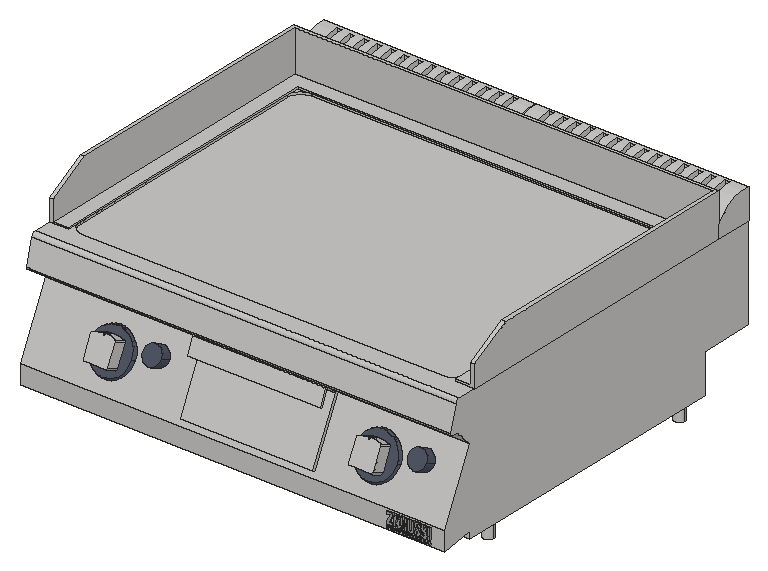
Revit family "QF_ZANUSSI_372330_Z7IIKAAOMEA", category Specialty Equipment, Revit 2018
Family settings
  Round Connector Dimension = Use Diameter
  Part Type = Normal
  Work Plane-Based = No
  Always vertical = Yes
  Cut with Voids When Loaded = No
  Shared = No
  Room Calculation Point = No
Parameters (values of type "Standard")
  Weight = 70.00 kg
  Watts = 0 W
  Volts = 0 V
  URL Manufacturer = "http://www.zanussiprofessional.com"
  URL = "http://www.zanussiprofessional.com"
  Steam Supply Size = 0"
  Steam Supply Minimum Pressure = 0.00 psi
  Steam Supply Maximum Pressure = 0.00 psi
  Steam Pounds per Hour = 0
  Show Logo [instance] = yes
  Show Clearance [instance] = yes
  Refrigeration Suction Line Size = 0"
  Refrigeration Liquid Line Size = 0"
  Refrigerant Compressor Remote = yes
  Phase = 0
  Model = "Z7IIKAAOMEA"
  Manufacturer = "Zanussi"
  Length Actual = 800 mm  # constant formula
  Item Number = "372330"
  Hot Water Size = 0"
  Height Actual = 250 mm  # constant formula
  HP = "0 HP"
  Gas Size = 1/2"
  Gas KW = 14
  Gas Input Pressure = 0.469158 Btu/h
  Direct Waste Size = 0"
  Description = "GAS FRY TOP-SMOOTH PLATE 800MM-BRUSHED CHROME"
  Depth Actual = 700 mm  # constant formula
  Cycle = 0 Hz
  Condensate Return Size = 0"
  Compressed Air Volume = 0 GPM
  Compressed Air Size = 0"
  Compressed Air Pressure = 0.00 psi
  Cold Water Size = 0"
  Assembly Code = ""
  Accessory = yes
Reference planes
  plane 1 "BACK": y = 0
  plane 2: z = 0
  plane 3 "LEFT": x = 0
  plane 4 "RIGHT": x = 800
  plane 5 "FRONT": y = -715
  plane 6 "TOP": z = 288.925
  plane 7 "Center Y": x = 400
  plane 8 "Center X": y = -357.5
  plane 9 "BASE": z = 24
  plane 10 "TOP A": z = 900
  plane 11: y = -597.884
  plane 12: y = -147.637
  plane 13: z = 981
  plane 14: y = -700
  plane 15 "panel": through (-6096, -715, 65.146) normal (0, 0.8956, -0.4448)
  plane 16: z = 900
Forms (mm)
  Extrusion 1, solid, material "QF_Finishes_Stainless Steel"
    sketch origin (0, 0, 626) x (0, 1, 0) y (0, 0, 1)
      loop
        line (0, 98) -> (0, 274) -> (-679.358, 274)
        arc (-679.358, 274) -> (-684.643, 271.811) -> (-686.833, 266.526) r 7.474
        line (-686.833, 266.526) -> (-699.884, 221.011)
        arc (-699.884, 221.011) -> (-699.396, 218.379) -> (-697, 217.184) r 3
        line (-697, 217.184) -> (-686.802, 217.184) -> (-654.982, 185.364) -> (-715, 64.508) -> (-715, 29.508) -> (-658.645, 37.428)
        arc (-658.645, 37.428) -> (-656.101, 36.674) -> (-655, 34.259) r 3.2
        line (-655, 34.259) -> (-655, 24) -> (-103, 24) -> (-103, 98) -> (0, 98)
    from 0 to 800
  Extrusion 2, void
    sketch origin (0, -2.381, 900) x (-1, 0, 0) y (0, -1, 0)
      loop
        arc (-60.425, 102.504) -> (-42.464, 109.943) -> (-35.025, 127.904) r 25.4
        line (-35.025, 127.904) -> (-35.025, 617.104)
        arc (-35.025, 617.104) -> (-42.464, 635.064) -> (-60.425, 642.504) r 25.4
        line (-60.425, 642.504) -> (-739.575, 642.504)
        arc (-739.575, 642.504) -> (-757.536, 635.064) -> (-764.975, 617.104) r 25.4
        line (-764.975, 617.104) -> (-764.975, 127.904)
        arc (-764.975, 127.904) -> (-757.536, 109.943) -> (-739.575, 102.504) r 25.4
        line (-739.575, 102.504) -> (-60.425, 102.504)
    from 0 to -3.2
  Extrusion 3, solid, material "QF_Finishes_Stainless Steel"
    sketch origin (0, 0, 650) x (1, 0, 0) y (0, 1, 0)
      loop
        circle (11.112, -147.638) r 9.525
      loop
        circle (11.112, -597.884) r 9.525
      loop
        circle (788.887, -147.638) r 9.525
      loop
        circle (788.887, -597.884) r 9.525
    from 0 to -24
  Extrusion 4, solid, material "QF_Finishes_Stainless Steel"
    sketch origin (0, -101.6, 727.594) x (0, 0, -1) y (-1, 0, 0)
      loop
        circle (43.694, -749.2) r 6.35
    from -1.4 to 3.175
  Extrusion 5, solid, material "QF_Finishes_Clearance", visible <- "Show Clearance", detail levels coarse
    sketch origin (0, 0, 626) x (1, 0, 0) y (0, 1, 0)
      loop
        line (0, -715) -> (0, 0) -> (800, 0) -> (800, -715) -> (950.019, -715) -> (950.019, 150.019) -> (-150.019, 150.019) -> (-150.019, -715) -> (0, -715)
    from 0 to 355
  Sweep 6, solid, material "QF_Finishes_Stainless Steel"
    path origin (0, -2.381, 900) x (-1, 0, 0) y (0, -1, 0)
      loop
        line (-764.975, 642.504) -> (-764.975, 102.504) -> (-35.025, 102.504) -> (-35.025, 642.504)
    profile origin (35.025, -374.885, 900) x (1, 0, 0) y (0, 0, 1)
      loop
        line (-35.025, 0) -> (0, 0) -> (0, 3.175) -> (-28.675, 3.175) -> (-28.675, 81) -> (-35.025, 81) -> (-35.025, 0)
  Extrusion 7, void
    sketch origin (0, -69.86, 900) x (0, 1, 0) y (0, 0, 1)
      loop
        line (-575.025, 41.119) -> (-501.995, 81) -> (-575.025, 81) -> (-575.025, 41.119)
    from 0 to 6.35
  Extrusion 8, void
    sketch origin (800, -644.885, 900) x (0, -1, 0) y (0, 0, 1)
      loop
        line (0, 41.119) -> (0, 81) -> (-73.03, 81) -> (0, 41.119)
    from 0 to 6.35
  Extrusion 9, solid, material "QF_Finishes_Stainless Steel"
    sketch origin (0, 0, 626) x (0, 1, 0) y (0, 0, 1)
      loop
        line (0, 274) -> (0, 331.492)
        arc (0, 331.492) -> (-38.8, 324.37) -> (-69.85, 300.038) r 82.447
        line (-69.85, 300.038) -> (-69.85, 274) -> (0, 274)
    from 0 to 400.05
  Extrusion 10, void
    sketch origin (0, 0, 900.638) x (0, -1, 0) y (1, 0, 0)
      loop
        line (6.761, 29.703) -> (63.911, 29.703) -> (63.911, 38.999) -> (6.761, 38.999) -> (6.761, 29.703)
      loop
        line (63.911, 64.487) -> (6.761, 64.487) -> (6.761, 55.191) -> (63.911, 55.191) -> (63.911, 64.487)
      loop
        line (63.911, 89.975) -> (6.761, 89.975) -> (6.761, 80.68) -> (63.911, 80.68) -> (63.911, 89.975)
      loop
        line (63.911, 115.464) -> (6.761, 115.464) -> (6.761, 106.168) -> (63.911, 106.168) -> (63.911, 115.464)
      loop
        line (63.911, 140.952) -> (6.761, 140.952) -> (6.761, 131.656) -> (63.911, 131.656) -> (63.911, 140.952)
      loop
        line (63.911, 166.44) -> (6.761, 166.44) -> (6.761, 157.145) -> (63.911, 157.145) -> (63.911, 166.44)
      loop
        line (63.911, 191.929) -> (6.761, 191.929) -> (6.761, 182.633) -> (63.911, 182.633) -> (63.911, 191.929)
      loop
        line (63.911, 217.417) -> (6.761, 217.417) -> (6.761, 208.121) -> (63.911, 208.121) -> (63.911, 217.417)
      loop
        line (63.911, 242.905) -> (6.761, 242.905) -> (6.761, 233.61) -> (63.911, 233.61) -> (63.911, 242.905)
      loop
        line (63.911, 268.394) -> (6.761, 268.394) -> (6.761, 259.098) -> (63.911, 259.098) -> (63.911, 268.394)
      loop
        line (63.911, 293.882) -> (6.761, 293.882) -> (6.761, 284.586) -> (63.911, 284.586) -> (63.911, 293.882)
      loop
        line (63.911, 319.37) -> (6.761, 319.37) -> (6.761, 310.075) -> (63.911, 310.075) -> (63.911, 319.37)
      loop
        line (63.911, 344.859) -> (6.761, 344.859) -> (6.761, 335.563) -> (63.911, 335.563) -> (63.911, 344.859)
      loop
        line (63.911, 370.347) -> (6.761, 370.347) -> (6.761, 361.051) -> (63.911, 361.051) -> (63.911, 370.347)
    from 25.4 to 63.5
  Extrusion 11, solid, material "QF_Finishes_Stainless Steel"
    sketch origin (400.05, 0, 626) x (0, 1, 0) y (0, 0, 1)
      loop
        line (0, 274) -> (0, 331.492)
        arc (0, 331.492) -> (-38.8, 324.37) -> (-69.85, 300.038) r 82.447
        line (-69.85, 300.038) -> (-69.85, 274) -> (0, 274)
    from 0 to 400.05
  Extrusion 12, void
    sketch origin (400.05, 0, 900.638) x (0, -1, 0) y (1, 0, 0)
      loop
        line (6.761, 29.653) -> (63.911, 29.653) -> (63.911, 38.949) -> (6.761, 38.949) -> (6.761, 29.653)
      loop
        line (63.911, 64.437) -> (6.761, 64.437) -> (6.761, 55.141) -> (63.911, 55.141) -> (63.911, 64.437)
      loop
        line (63.911, 89.925) -> (6.761, 89.925) -> (6.761, 80.63) -> (63.911, 80.63) -> (63.911, 89.925)
      loop
        line (63.911, 115.414) -> (6.761, 115.414) -> (6.761, 106.118) -> (63.911, 106.118) -> (63.911, 115.414)
      loop
        line (63.911, 140.902) -> (6.761, 140.902) -> (6.761, 131.606) -> (63.911, 131.606) -> (63.911, 140.902)
      loop
        line (63.911, 166.39) -> (6.761, 166.39) -> (6.761, 157.095) -> (63.911, 157.095) -> (63.911, 166.39)
      loop
        line (63.911, 191.879) -> (6.761, 191.879) -> (6.761, 182.583) -> (63.911, 182.583) -> (63.911, 191.879)
      loop
        line (63.911, 217.367) -> (6.761, 217.367) -> (6.761, 208.071) -> (63.911, 208.071) -> (63.911, 217.367)
      loop
        line (63.911, 242.855) -> (6.761, 242.855) -> (6.761, 233.56) -> (63.911, 233.56) -> (63.911, 242.855)
      loop
        line (63.911, 268.344) -> (6.761, 268.344) -> (6.761, 259.048) -> (63.911, 259.048) -> (63.911, 268.344)
      loop
        line (63.911, 293.832) -> (6.761, 293.832) -> (6.761, 284.536) -> (63.911, 284.536) -> (63.911, 293.832)
      loop
        line (63.911, 319.32) -> (6.761, 319.32) -> (6.761, 310.025) -> (63.911, 310.025) -> (63.911, 319.32)
      loop
        line (63.911, 344.809) -> (6.761, 344.809) -> (6.761, 335.513) -> (63.911, 335.513) -> (63.911, 344.809)
      loop
        line (63.911, 370.297) -> (6.761, 370.297) -> (6.761, 361.001) -> (63.911, 361.001) -> (63.911, 370.297)
    from 25.4 to 63.5
  Extrusion 13, solid, material "QF_Finishes_Stainless Steel"
    sketch origin (400, 0, 626) x (0, 1, 0) y (0, 0, 1)
      loop
        line (-655.161, 185.641) -> (-674.299, 204.778)
        arc (-674.299, 204.778) -> (-678.766, 206.181) -> (-682.47, 203.316) r 5.058
        line (-682.47, 203.316) -> (-695.132, 175.806) -> (-692.248, 174.479) -> (-679.586, 201.989)
        arc (-679.586, 201.989) -> (-678.207, 203.055) -> (-676.544, 202.533) r 1.883
        line (-676.544, 202.533) -> (-659.038, 185.028) -> (-712.559, 77.256) -> (-709.651, 75.918) -> (-655.161, 185.641)
    from -100 to 150
  Extrusion 14, solid, material "QF_Finishes_Drawer Clearance", visible <- "Show Clearance", detail levels coarse
    sketch origin (400, 0, 626) x (0, 1, 0) y (0, 0, 1)
      loop
        line (-778.814, 75.918) -> (-709.651, 75.918) -> (-655.161, 185.641) -> (-674.299, 204.778)
        arc (-674.299, 204.778) -> (-676.36, 206.027) -> (-678.766, 206.181) r 5.058
        line (-678.766, 206.181) -> (-747.93, 206.181)
        arc (-747.93, 206.181) -> (-750.133, 205.203) -> (-751.634, 203.316) r 5.058
        line (-751.634, 203.316) -> (-764.296, 175.806) -> (-761.412, 174.479) -> (-748.75, 201.989)
        arc (-748.75, 201.989) -> (-747.371, 203.055) -> (-745.708, 202.533) r 1.883
        line (-745.708, 202.533) -> (-728.202, 185.028) -> (-781.723, 77.256) -> (-778.814, 75.918)
    from -100 to 150
  Extrusion 15, solid, material "QF_Plastic-Black-Matte"
    sketch origin (592.6, -684.991, 751.574) x (0, 0.444781, 0.895639) y (0, 0.895639, -0.444781)
      loop
        line (26.984, -34) -> (23.984, -34) -> (23.984, -35) -> (26.984, -35)
        arc (26.984, -35) -> (27.691, -34.707) -> (27.984, -34) r 1
        line (27.984, -34) -> (27.984, -19) -> (26.984, -19) -> (26.984, -34)
    from -58.5 to -56.5
  Extrusion 16, solid, material "QF_Finishes_Stainless Steel"
    sketch origin (650.1, -684.991, 751.574) x (-1, 0, 0) y (0, -0.444781, -0.895639)
      loop
        line (17.6, -17.5) -> (17.6, 17.5) -> (-17.4, 17.5) -> (-17.4, -17.5) -> (17.6, -17.5)
    from 5 to 10
  Blend 17, solid, material "QF_Finishes_Navy Blue"
    base sketch origin (650.1, -684.991, 751.574) x (1, 0, 0) y (0, 0.444781, 0.895639)
      loop
        circle (-0.1, 0) r 42.5
    top sketch origin (650.1, -684.991, 751.574) x (1, 0, 0) y (0, 0.444781, 0.895639)
      loop
        circle (-0.1, 0) r 40.5
    from 0 to 5
  Extrusion 18, solid, material "QF_Finishes_Stainless Steel"
    sketch origin (650.1, -684.991, 751.574) x (-1, 0, 0) y (0, -0.444781, -0.895639)
      loop
        arc (-21.047, -22.789) -> (0.1, -26.984) -> (21.247, -22.789) r 55.4
        arc (21.247, -22.789) -> (22.594, -21.685) -> (23.1, -20.019) r 2.997
        line (23.1, -20.019) -> (23.1, 20.019)
        arc (23.1, 20.019) -> (22.222, 22.138) -> (20.103, 23.016) r 2.997
        line (20.103, 23.016) -> (-19.903, 23.016)
        arc (-19.903, 23.016) -> (-22.022, 22.138) -> (-22.9, 20.019) r 2.997
        line (-22.9, 20.019) -> (-22.9, -20.019)
        arc (-22.9, -20.019) -> (-22.394, -21.685) -> (-21.047, -22.789) r 2.997
    from 10 to 34
  Extrusion 19, solid, material "QF_Finishes_Navy Blue"
    sketch origin (789.101, -676.095, 769.486) x (1, 0, 0) y (0, 0.444781, 0.895639)
      loop
        circle (-55.101, 0) r 18
    from 3 to 23
  Extrusion 20, solid, material "QF_Finishes_Stainless Steel"
    sketch origin (650.1, -676.095, 769.486) x (1, 0, 0) y (0, 0.444781, 0.895639)
      loop
        circle (83.9, 0) r 15
    from 3 to 0
  Extrusion 21, solid, material "QF_Plastic-Black-Matte"
    sketch origin (92.5, -684.991, 751.574) x (0, 0.444781, 0.895639) y (0, 0.895639, -0.444781)
      loop
        line (26.984, -34) -> (23.984, -34) -> (23.984, -35) -> (26.984, -35)
        arc (26.984, -35) -> (27.691, -34.707) -> (27.984, -34) r 1
        line (27.984, -34) -> (27.984, -19) -> (26.984, -19) -> (26.984, -34)
    from -58.5 to -56.5
  Extrusion 22, solid, material "QF_Finishes_Stainless Steel"
    sketch origin (150, -684.991, 751.574) x (-1, 0, 0) y (0, -0.444781, -0.895639)
      loop
        line (17.5, -17.5) -> (17.5, 17.5) -> (-17.5, 17.5) -> (-17.5, -17.5) -> (17.5, -17.5)
    from 5 to 10
  Blend 23, solid, material "QF_Finishes_Navy Blue"
    base sketch origin (150, -684.991, 751.574) x (1, 0, 0) y (0, 0.444781, 0.895639)
      loop
        circle (0, 0) r 42.5
    top sketch origin (150, -684.991, 751.574) x (1, 0, 0) y (0, 0.444781, 0.895639)
      loop
        circle (0, 0) r 40.5
    from 0 to 5
  Extrusion 24, solid, material "QF_Finishes_Stainless Steel"
    sketch origin (150, -684.991, 751.574) x (-1, 0, 0) y (0, -0.444781, -0.895639)
      loop
        arc (-21.147, -22.789) -> (0, -26.984) -> (21.147, -22.789) r 55.4
        arc (21.147, -22.789) -> (22.494, -21.685) -> (23, -20.019) r 2.997
        line (23, -20.019) -> (23, 20.019)
        arc (23, 20.019) -> (22.122, 22.138) -> (20.003, 23.016) r 2.997
        line (20.003, 23.016) -> (-20.003, 23.016)
        arc (-20.003, 23.016) -> (-22.122, 22.138) -> (-23, 20.019) r 2.997
        line (-23, 20.019) -> (-23, -20.019)
        arc (-23, -20.019) -> (-22.494, -21.685) -> (-21.147, -22.789) r 2.997
    from 10 to 34
  Extrusion 25, solid, material "QF_Finishes_Navy Blue"
    sketch origin (289.001, -676.095, 769.486) x (1, 0, 0) y (0, 0.444781, 0.895639)
      loop
        circle (-55.051, 0) r 18
    from 3 to 23
  Extrusion 26, solid, material "QF_Finishes_Stainless Steel"
    sketch origin (150, -676.095, 769.486) x (1, 0, 0) y (0, 0.444781, 0.895639)
      loop
        circle (83.95, 0) r 15
    from 3 to 0
Cuts and joins
  Extrusion 2 cuts Extrusion 1
  Extrusion 7, Extrusion 8 cuts Sweep 6
  Extrusion 10 cuts Extrusion 9
  Extrusion 12 cuts Extrusion 11
Lines and regions (mm)
  Split face 1
    outline origin (656.001, -689.469, 753.797) x (1, 0, 0) y (0, 0.444781, 0.895639)
      loop
        line (-8.901, 38.561) -> (-8.901, 28.561) -> (-2.901, 28.561) -> (-2.901, 38.561) -> (-8.901, 38.561)
  Split face 2
    outline origin (656.001, -689.469, 753.797) x (1, 0, 0) y (0, 0.444781, 0.895639)
      loop
        line (-8.401, 38.061) -> (-8.401, 29.061) -> (-3.401, 29.061) -> (-3.401, 38.061) -> (-8.401, 38.061)
  Split face 3
    outline origin (656.001, -689.469, 753.797) x (1, 0, 0) y (0, 0.444781, 0.895639)
      loop
        line (-8.401, 33.561) -> (-3.401, 33.561)
  Split face 4
    outline origin (656.001, -689.469, 753.797) x (1, 0, 0) y (0, 0.444781, 0.895639)
      loop
        line (-8.401, 33.061) -> (-3.401, 33.061)
  Split face 5
    outline origin (656.001, -689.469, 753.797) x (1, 0, 0) y (0, 0.444781, 0.895639)
      loop
        circle (-5.901, 35.811) r 2.031
  Split face 6
    outline origin (650.1, -689.469, 753.797) x (1, 0, 0) y (0, 0.444781, 0.895639)
      loop
        circle (-24.487, 26.694) r 3.497
  Split face 7
    outline origin (650.1, -689.469, 753.797) x (1, 0, 0) y (0, 0.444781, 0.895639)
      loop
        circle (-33, 0) r 3
  Split face 8
    outline origin (650.1, -689.469, 753.797) x (1, 0, 0) y (0, 0.444781, 0.895639)
      loop
        circle (-17.8, -29.371) r 1.5
  Split face 9
    outline origin (155.901, -689.469, 753.797) x (1, 0, 0) y (0, 0.444781, 0.895639)
      loop
        line (-8.901, 38.561) -> (-8.901, 28.561) -> (-2.901, 28.561) -> (-2.901, 38.561) -> (-8.901, 38.561)
  Split face 10
    outline origin (155.901, -689.469, 753.797) x (1, 0, 0) y (0, 0.444781, 0.895639)
      loop
        line (-8.401, 38.061) -> (-8.401, 29.061) -> (-3.401, 29.061) -> (-3.401, 38.061) -> (-8.401, 38.061)
  Split face 11
    outline origin (155.901, -689.469, 753.797) x (1, 0, 0) y (0, 0.444781, 0.895639)
      loop
        line (-8.401, 33.561) -> (-3.401, 33.561)
  Split face 12
    outline origin (155.901, -689.469, 753.797) x (1, 0, 0) y (0, 0.444781, 0.895639)
      loop
        line (-8.401, 33.061) -> (-3.401, 33.061)
  Split face 13
    outline origin (155.901, -689.469, 753.797) x (1, 0, 0) y (0, 0.444781, 0.895639)
      loop
        circle (-5.901, 35.811) r 2.031
  Split face 14
    outline origin (150, -689.469, 753.797) x (1, 0, 0) y (0, 0.444781, 0.895639)
      loop
        circle (-24.487, 26.694) r 3.497
  Split face 15
    outline origin (150, -689.469, 753.797) x (1, 0, 0) y (0, 0.444781, 0.895639)
      loop
        circle (-33, 0) r 3
  Split face 16
    outline origin (150, -689.469, 753.797) x (1, 0, 0) y (0, 0.444781, 0.895639)
      loop
        circle (-17.8, -29.371) r 1.5
  symbolic lines, style "QF-Clearances", visible <- "Show Clearance", detail levels coarse
    curve 1: line (-150.019, 150.019, 900) -> (-150.019, -715, 900)
    curve 2: line (950.019, 150.019, 900) -> (-150.019, 150.019, 900)
    curve 3: line (950.019, -716.377, 900) -> (950.019, 150.019, 900)
  symbolic lines
    curve 4: line (0, 0, 900) -> (800, 0, 900)
    curve 5: line (0, -715, 900) -> (0, 0, 900)
    curve 6: line (800, 0, 900) -> (800, -715, 900)
    curve 7: line (35.025, -104.885, 900) -> (35.025, -644.885, 900)
    curve 8: arc (35.025, -619.485, 900) -> (42.464, -637.445, 900) -> (60.425, -644.885, 900) r 25.4
    curve 9: line (0, -644.885, 900) -> (35.025, -644.885, 900)
    curve 10: arc (739.215, -644.885, 900) -> (757.736, -637.213, 900) -> (765.407, -618.692, 900) r 26.193
    curve 11: line (765.407, -644.885, 900) -> (765.407, -104.885, 900)
    curve 12: line (765.407, -104.885, 900) -> (35.025, -104.885, 900)
    curve 13: line (0, -69.85, 900) -> (800, -69.85, 900)
    curve 14: arc (64.125, -104.885, 900) -> (43.548, -113.408, 900) -> (35.025, -133.985, 900) r 29.1
    curve 15: arc (739.863, -104.885, 900) -> (757.926, -112.367, 900) -> (765.407, -130.429, 900) r 25.544
    curve 16: line (6.35, -76.21, 900) -> (6.35, -644.885, 900)
    curve 17: line (6.35, -76.21, 900) -> (793.65, -76.21, 900)
    curve 18: line (793.65, -76.21, 900) -> (793.65, -644.885, 900)
    curve 19: line (765.407, -644.885, 900) -> (800, -644.885, 900)
    curve 20: line (60.425, -644.885, 900) -> (739.215, -644.885, 900)
    curve 24: line (0, 0, 274.638) -> (800, 0, 274.638)
    curve 25: line (0, -69.85, 274.638) -> (800, -69.85, 274.638)
    curve 26: line (29.703, -6.761, 0) -> (38.999, -6.761, 0)
    curve 27: line (29.703, -63.911, 0) -> (29.703, -6.761, 0)
    curve 28: line (38.999, -63.911, 0) -> (29.703, -63.911, 0)
    curve 29: line (38.999, -6.761, 0) -> (38.999, -63.911, 0)
    curve 30: line (55.191, -6.761, 0) -> (64.487, -6.761, 0)
    curve 31: line (55.191, -63.911, 0) -> (55.191, -6.761, 0)
    curve 32: line (64.487, -63.911, 0) -> (55.191, -63.911, 0)
    curve 33: line (64.487, -6.761, 0) -> (64.487, -63.911, 0)
    curve 34: line (80.68, -6.761, 0) -> (89.975, -6.761, 0)
    curve 35: line (80.68, -63.911, 0) -> (80.68, -6.761, 0)
    curve 36: line (89.975, -63.911, 0) -> (80.68, -63.911, 0)
    curve 37: line (89.975, -6.761, 0) -> (89.975, -63.911, 0)
    curve 38: line (106.168, -6.761, 0) -> (115.464, -6.761, 0)
    curve 39: line (106.168, -63.911, 0) -> (106.168, -6.761, 0)
    curve 40: line (115.464, -63.911, 0) -> (106.168, -63.911, 0)
    curve 41: line (115.464, -6.761, 0) -> (115.464, -63.911, 0)
    curve 42: line (131.656, -6.761, 0) -> (140.952, -6.761, 0)
    curve 43: line (131.656, -63.911, 0) -> (131.656, -6.761, 0)
    curve 44: line (140.952, -63.911, 0) -> (131.656, -63.911, 0)
    curve 45: line (140.952, -6.761, 0) -> (140.952, -63.911, 0)
    curve 46: line (157.145, -6.761, 0) -> (166.44, -6.761, 0)
    curve 47: line (157.145, -63.911, 0) -> (157.145, -6.761, 0)
    curve 48: line (166.44, -63.911, 0) -> (157.145, -63.911, 0)
    curve 49: line (166.44, -6.761, 0) -> (166.44, -63.911, 0)
    curve 50: line (182.633, -6.761, 0) -> (191.929, -6.761, 0)
    curve 51: line (182.633, -63.911, 0) -> (182.633, -6.761, 0)
    curve 52: line (191.929, -63.911, 0) -> (182.633, -63.911, 0)
    curve 53: line (191.929, -6.761, 0) -> (191.929, -63.911, 0)
    curve 54: line (208.121, -6.761, 0) -> (217.417, -6.761, 0)
    curve 55: line (208.121, -63.911, 0) -> (208.121, -6.761, 0)
    curve 56: line (217.417, -63.911, 0) -> (208.121, -63.911, 0)
    curve 57: line (217.417, -6.761, 0) -> (217.417, -63.911, 0)
    curve 58: line (233.61, -6.761, 0) -> (242.905, -6.761, 0)
    curve 59: line (233.61, -63.911, 0) -> (233.61, -6.761, 0)
    curve 60: line (242.905, -63.911, 0) -> (233.61, -63.911, 0)
    curve 61: line (242.905, -6.761, 0) -> (242.905, -63.911, 0)
    curve 62: line (259.098, -6.761, 0) -> (268.394, -6.761, 0)
    curve 63: line (259.098, -63.911, 0) -> (259.098, -6.761, 0)
    curve 64: line (268.394, -63.911, 0) -> (259.098, -63.911, 0)
    curve 65: line (268.394, -6.761, 0) -> (268.394, -63.911, 0)
    curve 66: line (284.586, -6.761, 0) -> (293.882, -6.761, 0)
    curve 67: line (284.586, -63.911, 0) -> (284.586, -6.761, 0)
    curve 68: line (293.882, -63.911, 0) -> (284.586, -63.911, 0)
    curve 69: line (293.882, -6.761, 0) -> (293.882, -63.911, 0)
    curve 70: line (310.075, -6.761, 0) -> (319.37, -6.761, 0)
    curve 71: line (310.075, -63.911, 0) -> (310.075, -6.761, 0)
    curve 72: line (319.37, -63.911, 0) -> (310.075, -63.911, 0)
    curve 73: line (319.37, -6.761, 0) -> (319.37, -63.911, 0)
    curve 74: line (335.563, -6.761, 0) -> (344.859, -6.761, 0)
    curve 75: line (335.563, -63.911, 0) -> (335.563, -6.761, 0)
    curve 76: line (344.859, -63.911, 0) -> (335.563, -63.911, 0)
    curve 77: line (344.859, -6.761, 0) -> (344.859, -63.911, 0)
    curve 78: line (361.051, -6.761, 0) -> (370.347, -6.761, 0)
    curve 79: line (361.051, -63.911, 0) -> (361.051, -6.761, 0)
    curve 80: line (370.347, -63.911, 0) -> (361.051, -63.911, 0)
    curve 81: line (370.347, -6.761, 0) -> (370.347, -63.911, 0)
    curve 82: line (400, 0, 0) -> (400, -69.85, 0)
    curve 83: line (770.347, -6.761, 0) -> (761.051, -6.761, 0)
    curve 84: line (770.347, -63.911, 0) -> (770.347, -6.761, 0)
    curve 85: line (761.051, -63.911, 0) -> (770.347, -63.911, 0)
    curve 86: line (761.051, -6.761, 0) -> (761.051, -63.911, 0)
    curve 87: line (744.859, -6.761, 0) -> (735.563, -6.761, 0)
    curve 88: line (744.859, -63.911, 0) -> (744.859, -6.761, 0)
    curve 89: line (735.563, -63.911, 0) -> (744.859, -63.911, 0)
    curve 90: line (735.563, -6.761, 0) -> (735.563, -63.911, 0)
    curve 91: line (719.37, -6.761, 0) -> (710.075, -6.761, 0)
    curve 92: line (719.37, -63.911, 0) -> (719.37, -6.761, 0)
    curve 93: line (710.075, -63.911, 0) -> (719.37, -63.911, 0)
    curve 94: line (710.075, -6.761, 0) -> (710.075, -63.911, 0)
    curve 95: line (693.882, -6.761, 0) -> (684.586, -6.761, 0)
    curve 96: line (693.882, -63.911, 0) -> (693.882, -6.761, 0)
    curve 97: line (684.586, -63.911, 0) -> (693.882, -63.911, 0)
    curve 98: line (684.586, -6.761, 0) -> (684.586, -63.911, 0)
    curve 99: line (668.394, -6.761, 0) -> (659.098, -6.761, 0)
    curve 100: line (668.394, -63.911, 0) -> (668.394, -6.761, 0)
    curve 101: line (659.098, -63.911, 0) -> (668.394, -63.911, 0)
    curve 102: line (659.098, -6.761, 0) -> (659.098, -63.911, 0)
    curve 103: line (642.905, -6.761, 0) -> (633.61, -6.761, 0)
    curve 104: line (642.905, -63.911, 0) -> (642.905, -6.761, 0)
    curve 105: line (633.61, -63.911, 0) -> (642.905, -63.911, 0)
    curve 106: line (633.61, -6.761, 0) -> (633.61, -63.911, 0)
    curve 107: line (617.417, -6.761, 0) -> (608.121, -6.761, 0)
    curve 108: line (617.417, -63.911, 0) -> (617.417, -6.761, 0)
    curve 109: line (608.121, -63.911, 0) -> (617.417, -63.911, 0)
    curve 110: line (608.121, -6.761, 0) -> (608.121, -63.911, 0)
    curve 111: line (591.929, -6.761, 0) -> (582.633, -6.761, 0)
    curve 112: line (591.929, -63.911, 0) -> (591.929, -6.761, 0)
    curve 113: line (582.633, -63.911, 0) -> (591.929, -63.911, 0)
    curve 114: line (582.633, -6.761, 0) -> (582.633, -63.911, 0)
    curve 115: line (566.44, -6.761, 0) -> (557.145, -6.761, 0)
    curve 116: line (566.44, -63.911, 0) -> (566.44, -6.761, 0)
    curve 117: line (557.145, -63.911, 0) -> (566.44, -63.911, 0)
    curve 118: line (557.145, -6.761, 0) -> (557.145, -63.911, 0)
    curve 119: line (540.952, -6.761, 0) -> (531.656, -6.761, 0)
    curve 120: line (540.952, -63.911, 0) -> (540.952, -6.761, 0)
    curve 121: line (531.656, -63.911, 0) -> (540.952, -63.911, 0)
    curve 122: line (531.656, -6.761, 0) -> (531.656, -63.911, 0)
    curve 123: line (515.464, -6.761, 0) -> (506.168, -6.761, 0)
    curve 124: line (515.464, -63.911, 0) -> (515.464, -6.761, 0)
    curve 125: line (506.168, -63.911, 0) -> (515.464, -63.911, 0)
    curve 126: line (506.168, -6.761, 0) -> (506.168, -63.911, 0)
    curve 127: line (489.975, -6.761, 0) -> (480.68, -6.761, 0)
    curve 128: line (489.975, -63.911, 0) -> (489.975, -6.761, 0)
    curve 129: line (480.68, -63.911, 0) -> (489.975, -63.911, 0)
    curve 130: line (480.68, -6.761, 0) -> (480.68, -63.911, 0)
    curve 131: line (464.487, -6.761, 0) -> (455.191, -6.761, 0)
    curve 132: line (464.487, -63.911, 0) -> (464.487, -6.761, 0)
    curve 133: line (455.191, -63.911, 0) -> (464.487, -63.911, 0)
    curve 134: line (455.191, -6.761, 0) -> (455.191, -63.911, 0)
    curve 135: line (438.999, -6.761, 0) -> (429.703, -6.761, 0)
    curve 136: line (438.999, -63.911, 0) -> (438.999, -6.761, 0)
    curve 137: line (429.703, -63.911, 0) -> (438.999, -63.911, 0)
    curve 138: line (429.703, -6.761, 0) -> (429.703, -63.911, 0)
    curve 139: line (0, -700, 0) -> (800, -700, 0)
    curve 140: line (673, -700, 0) -> (673, -724.347, 0)
    curve 141: arc (673, -724.347, 0) -> (672.854, -724.811, 0) -> (672.468, -725.107, 0) r 0.809
    curve 142: arc (672.468, -725.107, 0) -> (671.28, -725.587, 0) -> (670.003, -725.68, 0) r 4.127
    curve 143: arc (673, -704.292, 0) -> (678.041, -702.458, 0) -> (682.809, -700, 0) r 42.24
    curve 144: arc (673, -706.539, 0) -> (672.498, -705.818, 0) -> (671.701, -705.448, 0) r 1.682
    curve 145: arc (671.701, -705.448, 0) -> (661.398, -703.95, 0) -> (651, -703.441, 0) r 109.079
    curve 146: line (651, -700, 0) -> (651, -705.671, 0)
    curve 147: line (651, -705.671, 0) -> (649, -705.671, 0)
    curve 148: line (649, -705.671, 0) -> (649, -700, 0)
    curve 149: line (627, -700, 0) -> (627, -724.347, 0)
    curve 150: arc (627, -724.347, 0) -> (627.146, -724.811, 0) -> (627.532, -725.107, 0) r 0.809
    curve 151: arc (627.532, -725.107, 0) -> (628.72, -725.587, 0) -> (629.997, -725.68, 0) r 4.127
    curve 152: arc (627, -704.292, 0) -> (621.959, -702.458, 0) -> (617.191, -700, 0) r 42.24
    curve 153: arc (627, -706.539, 0) -> (627.502, -705.818, 0) -> (628.299, -705.448, 0) r 1.682
    curve 154: arc (628.299, -705.448, 0) -> (638.602, -703.95, 0) -> (649, -703.441, 0) r 109.079
    curve 155: line (670.003, -725.68, 0) -> (629.997, -725.68, 0)
    curve 156: line (173, -715, 0) -> (627, -715, 0)
    curve 157: line (673, -715, 0) -> (800, -715, 0)
    curve 158: spline (717.605, -700, 0) -> (719.313, -701.323, 0) -> (721.554, -702.479, 0) -> (724.247, -703.424, 0) -> (727.294, -704.125, 0) -> (730.585, -704.556, 0) -> (734, -704.701, 0) -> (737.415, -704.556, 0) -> (740.706, -704.125, 0) -> (743.753, -703.424, 0) -> (746.446, -702.479, 0) -> (748.687, -701.323, 0) -> (750.395, -700, 0)
    curve 159: line (300, -715, 0) -> (300, -700, 0)
    curve 160: line (549.95, -715, 0) -> (549.95, -700, 0)
    curve 161: line (173, -700, 0) -> (173, -724.347, 0)
    curve 162: arc (173, -724.347, 0) -> (172.854, -724.811, 0) -> (172.468, -725.107, 0) r 0.809
    curve 163: arc (172.468, -725.107, 0) -> (171.28, -725.587, 0) -> (170.003, -725.68, 0) r 4.127
    curve 164: arc (173, -704.292, 0) -> (178.041, -702.458, 0) -> (182.809, -700, 0) r 42.24
    curve 165: arc (173, -706.539, 0) -> (172.498, -705.818, 0) -> (171.701, -705.448, 0) r 1.682
    curve 166: arc (171.701, -705.448, 0) -> (161.398, -703.95, 0) -> (151, -703.441, 0) r 109.079
    curve 167: line (151, -700, 0) -> (151, -705.671, 0)
    curve 168: line (151, -705.671, 0) -> (149, -705.671, 0)
    curve 169: line (149, -705.671, 0) -> (149, -700, 0)
    curve 170: line (127, -700, 0) -> (127, -724.347, 0)
    curve 171: arc (127, -724.347, 0) -> (127.146, -724.811, 0) -> (127.532, -725.107, 0) r 0.809
    curve 172: arc (127.532, -725.107, 0) -> (128.72, -725.587, 0) -> (129.997, -725.68, 0) r 4.127
    curve 173: arc (127, -704.292, 0) -> (121.959, -702.458, 0) -> (117.191, -700, 0) r 42.24
    curve 174: arc (127, -706.539, 0) -> (127.502, -705.818, 0) -> (128.299, -705.448, 0) r 1.682
    curve 175: arc (128.299, -705.448, 0) -> (138.602, -703.95, 0) -> (149, -703.441, 0) r 109.079
    curve 176: line (170.003, -725.68, 0) -> (129.997, -725.68, 0)
    curve 177: spline (217.605, -700, 0) -> (219.313, -701.323, 0) -> (221.554, -702.479, 0) -> (224.247, -703.424, 0) -> (227.294, -704.125, 0) -> (230.585, -704.556, 0) -> (234, -704.701, 0) -> (237.415, -704.556, 0) -> (240.706, -704.125, 0) -> (243.753, -703.424, 0) -> (246.446, -702.479, 0) -> (248.687, -701.323, 0) -> (250.395, -700, 0)
    curve 178: line (127, -715, 0) -> (0, -715, 0)
  symbolic lines, style "QF_Drawer Clearance"
    curve 21: line (300, -767.387, 0) -> (300, -715, 0)
    curve 22: line (300, -767.387, 0) -> (550, -767.387, 0)
    curve 23: line (550, -767.387, 0) -> (550, -715, 0)
Dimensions and locks
  equal spacing: plane 3 "LEFT", plane 7 "Center Y", plane 4 "RIGHT"
  plane 3 "LEFT" to plane 4 "RIGHT" = 800 mm
  equal spacing: plane 5 "FRONT", plane 8 "Center X", plane 1 "BACK"
  plane 5 "FRONT" to plane 1 "BACK" = 715 mm
  plane 1 "BACK" to plane 5 "FRONT" = 715 mm
  plane 9 "BASE" to level = 24 mm  (x2)
  Sweep 6 sketch curve to level = 981 mm
  plane 10 "TOP A" to plane 9 "BASE" = 876 mm  (x2)
  plane 13 to level = 981 mm
  plane 1 "BACK" to plane 14 = 700 mm
  plane 16 to level = 900 mm
  aligned and locked: level to plane 2
  aligned and locked: plane 4 "RIGHT" to Extrusion 1
  aligned: plane 6 "TOP" to Extrusion 5
Automatic sketch dimensions
  Extrusion 9 sketch curve to plane 10 "TOP A" = 0 mm
  Extrusion 9 sketch curve to plane 1 "BACK" = 0 mm
  plane 1 "BACK" to Extrusion 9 sketch curve = 4.947 mm
  plane 6 "TOP" to Extrusion 9 sketch curve = 637.113 mm
  plane 1 "BACK" to Extrusion 9 sketch curve = 69.85 mm
  Extrusion 9 sketch curve to plane 10 "TOP A" = 24.807 mm
  Extrusion 11 sketch curve to plane 10 "TOP A" = 0 mm
  Extrusion 11 sketch curve to plane 1 "BACK" = 0 mm
  plane 1 "BACK" to Extrusion 11 sketch curve = 4.947 mm
  plane 6 "TOP" to Extrusion 11 sketch curve = 637.113 mm
  plane 1 "BACK" to Extrusion 11 sketch curve = 69.85 mm
  Extrusion 11 sketch curve to plane 10 "TOP A" = 24.807 mm
  plane 1 "BACK" to Extrusion 12 sketch curve = 6.761 mm  (x14)
  Extrusion 12 sketch curve to Extrusion 12 sketch curve = 57.15 mm
  Extrusion 12 sketch curve to Extrusion 12 sketch curve = 0 mm  (x13)
  plane 7 "Center Y" to Extrusion 12 sketch curve = 29.703 mm
  Extrusion 12 sketch curve to Extrusion 12 sketch curve = 9.296 mm  (x14)
  Extrusion 12 sketch curve to Extrusion 12 sketch curve = 16.193 mm  (x13)
  Extrusion 15 sketch curve to plane 15 "panel" = 313.433 mm
  plane 14 to Extrusion 15 sketch curve = 5.671 mm
  Extrusion 15 sketch curve to Extrusion 15 sketch curve = 3 mm
  Extrusion 15 sketch curve to Extrusion 15 sketch curve = 0 mm
  Extrusion 15 sketch curve to Extrusion 15 sketch curve = 1 mm  (x2)
  Extrusion 15 sketch curve to Extrusion 15 sketch curve = 15 mm
  Extrusion 21 sketch curve to plane 15 "panel" = 313.433 mm
  plane 14 to Extrusion 21 sketch curve = 5.671 mm
  Extrusion 21 sketch curve to Extrusion 21 sketch curve = 3 mm
  Extrusion 21 sketch curve to Extrusion 21 sketch curve = 0 mm
  Extrusion 21 sketch curve to Extrusion 21 sketch curve = 1 mm  (x2)
  Extrusion 21 sketch curve to Extrusion 21 sketch curve = 15 mm
  Extrusion 25 sketch curve to plane 7 "Center Y" = 166.05 mm
  Extrusion 26 sketch curve to plane 7 "Center Y" = 166.05 mm
  Extrusion 14 sketch curve to Extrusion 14 sketch curve = 0 mm  (x2)
  Extrusion 14 sketch curve to plane 15 "panel" = 278.433 mm  (x2)
  plane 5 "FRONT" to Extrusion 14 sketch curve = 66.723 mm
  Extrusion 14 sketch curve to Extrusion 14 sketch curve = 2.908 mm
  plane 5 "FRONT" to Extrusion 14 sketch curve = 49.296 mm
  Extrusion 14 sketch curve to Extrusion 14 sketch curve = 2.884 mm  (x2)
  Extrusion 14 sketch curve to Extrusion 14 sketch curve = 12.662 mm
  Extrusion 14 sketch curve to Extrusion 14 sketch curve = 0.82 mm
  Extrusion 14 sketch curve to Extrusion 14 sketch curve = 1.711 mm
  Extrusion 14 sketch curve to Extrusion 14 sketch curve = 1.332 mm
  plane 5 "FRONT" to Extrusion 14 sketch curve = 13.202 mm
  Extrusion 14 sketch curve to plane 5 "FRONT" = 5.349 mm
  Extrusion 14 sketch curve to plane 14 = 21.234 mm
  Extrusion 14 sketch curve to Extrusion 14 sketch curve = 0.891 mm
  Extrusion 14 sketch curve to Extrusion 14 sketch curve = 4.467 mm
  Extrusion 14 sketch curve to Extrusion 14 sketch curve = 19.137 mm
  Extrusion 14 sketch curve to Extrusion 14 sketch curve = 1.339 mm
  Extrusion 14 sketch curve to Extrusion 14 sketch curve = 97.223 mm
  Extrusion 14 sketch curve to Extrusion 14 sketch curve = 1.327 mm
  Extrusion 14 sketch curve to Extrusion 14 sketch curve = 16.961 mm
  Extrusion 14 sketch curve to Extrusion 14 sketch curve = 0.787 mm
  Extrusion 14 sketch curve to Extrusion 14 sketch curve = 4.979 mm
  Extrusion 13 sketch curve to Extrusion 13 sketch curve = 0 mm  (x2)
  Extrusion 13 sketch curve to plane 15 "panel" = 278.433 mm  (x2)
  Extrusion 13 sketch curve to plane 5 "FRONT" = 2.441 mm
  Extrusion 13 sketch curve to Extrusion 13 sketch curve = 2.908 mm
  Extrusion 13 sketch curve to plane 14 = 4.868 mm
  Extrusion 13 sketch curve to Extrusion 13 sketch curve = 2.884 mm  (x2)
  Extrusion 13 sketch curve to plane 14 = 17.53 mm
  Extrusion 13 sketch curve to Extrusion 13 sketch curve = 1.711 mm
  Extrusion 13 sketch curve to Extrusion 13 sketch curve = 1.332 mm
  Extrusion 13 sketch curve to Extrusion 13 sketch curve = 2.245 mm
  Extrusion 13 sketch curve to Extrusion 13 sketch curve = 17.505 mm
  Extrusion 13 sketch curve to Extrusion 13 sketch curve = 3.877 mm
  Extrusion 13 sketch curve to Extrusion 13 sketch curve = 1.339 mm
  Extrusion 13 sketch curve to Extrusion 13 sketch curve = 11.162 mm
  Extrusion 13 sketch curve to Extrusion 13 sketch curve = 1.327 mm
  Extrusion 13 sketch curve to Extrusion 13 sketch curve = 0.613 mm
  Extrusion 13 sketch curve to Extrusion 13 sketch curve = 0.787 mm
  Extrusion 2 sketch curve to plane 4 "RIGHT" = 35.025 mm
  Extrusion 2 sketch curve to Extrusion 2 sketch curve = 25.4 mm  (x3)
  Extrusion 2 sketch curve to plane 12 = 17.353 mm
  plane 3 "LEFT" to Extrusion 2 sketch curve = 60.425 mm  (x2)
  plane 11 to Extrusion 2 sketch curve = 21.6 mm
  plane 11 to Extrusion 3 sketch curve = 0 mm  (x2)
  plane 12 to Extrusion 3 sketch curve = 0 mm  (x2)
  plane 3 "LEFT" to Extrusion 3 sketch curve = 11.112 mm  (x2)
  Extrusion 3 sketch curve to plane 4 "RIGHT" = 11.113 mm  (x2)
  plane 9 "BASE" to Extrusion 4 sketch curve = 659.9 mm
  plane 5 "FRONT" to Extrusion 5 sketch curve = 0 mm  (x2)
  plane 1 "BACK" to Extrusion 5 sketch curve = 0 mm
  Extrusion 5 sketch curve to plane 3 "LEFT" = 0 mm
  Extrusion 5 sketch curve to plane 4 "RIGHT" = 0 mm
  Extrusion 5 sketch curve to plane 3 "LEFT" = 150.019 mm
  plane 4 "RIGHT" to Extrusion 5 sketch curve = 150.019 mm
  Extrusion 5 sketch curve to plane 1 "BACK" = 150.019 mm
  plane 1 "BACK" to curve 6 = 0 mm
  curve 6 to plane 4 "RIGHT" = 0 mm
  curve 13 to plane 3 "LEFT" = 0 mm
  plane 5 "FRONT" to curve 1 = 0 mm
  plane 5 "FRONT" to curve 5 = 0 mm
  plane 5 "FRONT" to curve 6 = 0 mm
  plane 4 "RIGHT" to curve 3 = 150.019 mm
  curve 17 to plane 4 "RIGHT" = 6.35 mm
  curve 11 to plane 4 "RIGHT" = 34.593 mm
  curve 15 to plane 12 = 17.209 mm
  curve 15 to curve 15 = 25.544 mm
  plane 11 to curve 10 = 20.807 mm
  curve 10 to curve 10 = 26.193 mm
  curve 14 to plane 12 = 13.653 mm
  plane 3 "LEFT" to curve 14 = 64.125 mm
  curve 20 to curve 7 = 25.4 mm
  plane 3 "LEFT" to curve 16 = 6.35 mm
  curve 2 to plane 3 "LEFT" = 150.019 mm
  curve 1 to plane 1 "BACK" = 150.019 mm
  curve 17 to curve 11 = 28.675 mm
  curve 8 to curve 7 = 25.4 mm
  curve 10 to curve 19 = 26.193 mm
  curve 13 to curve 17 = 6.36 mm
  plane 5 "FRONT" to curve 3 = 1.377 mm
  Sweep 6 sketch curve to plane 4 "RIGHT" = 35.025 mm
  plane 3 "LEFT" to Sweep 6 sketch curve = 35.025 mm
  Sweep 6 sketch curve to plane 12 = 42.753 mm
  plane 11 to Sweep 6 sketch curve = 47 mm  (x2)
  Sweep 6 sketch curve to plane 10 "TOP A" = 0 mm
  profile plane to Sweep 6 sketch curve = 0 mm
  profile plane to Sweep 6 sketch curve = 28.675 mm
  Sweep 6 sketch curve to Sweep 6 sketch curve = 6.35 mm
  plane 10 "TOP A" to Sweep 6 sketch curve = 3.175 mm
  Extrusion 7 sketch curve to Sweep 6 = 0 mm  (x2)
  Extrusion 7 sketch curve to Sweep 6 = 73.03 mm
  Extrusion 7 sketch curve to Extrusion 7 sketch curve = 39.881 mm
  Sweep 6 to Extrusion 8 sketch curve = 0 mm
  Extrusion 8 sketch curve to Sweep 6 = 0 mm
  Extrusion 8 sketch curve to Extrusion 8 sketch curve = 73.03 mm
  Extrusion 8 sketch curve to Extrusion 8 sketch curve = 39.881 mm
  plane 1 "BACK" to Extrusion 10 sketch curve = 6.761 mm  (x14)
  Extrusion 10 sketch curve to Extrusion 10 sketch curve = 57.15 mm
  Extrusion 10 sketch curve to Extrusion 10 sketch curve = 0 mm  (x13)
  plane 3 "LEFT" to Extrusion 10 sketch curve = 29.703 mm
  Extrusion 10 sketch curve to Extrusion 10 sketch curve = 9.296 mm  (x14)
  Extrusion 10 sketch curve to Extrusion 10 sketch curve = 16.193 mm  (x13)
  plane 1 "BACK" to curve 24 = 0 mm
  curve 24 to plane 4 "RIGHT" = 0 mm
  curve 25 to plane 4 "RIGHT" = 0 mm
  curve 25 to plane 3 "LEFT" = 0 mm
  curve 24 to plane 3 "LEFT" = 0 mm
  curve 24 to curve 25 = 69.85 mm
  Extrusion 16 sketch curve to plane 4 "RIGHT" = 132.5 mm
  Extrusion 16 sketch curve to Extrusion 16 sketch curve = 35 mm  (x2)
  Blend 17 sketch curve to plane 4 "RIGHT" = 150 mm  (x2)
  Extrusion 18 sketch curve to plane 4 "RIGHT" = 127 mm
  Extrusion 18 sketch curve to Extrusion 18 sketch curve = 2.997 mm  (x3)
  Extrusion 18 sketch curve to Extrusion 18 sketch curve = 20.003 mm  (x2)
  Extrusion 18 sketch curve to Extrusion 18 sketch curve = 40.005 mm
  Extrusion 18 sketch curve to Extrusion 18 sketch curve = 0 mm  (x2)
  Extrusion 18 sketch curve to Extrusion 18 sketch curve = 40.037 mm
  Extrusion 18 sketch curve to Extrusion 18 sketch curve = 5.399 mm
  Split face 1 sketch curve to Split face 1 sketch curve = 6 mm
  Split face 1 sketch curve to Split face 1 sketch curve = 10 mm
  Split face 2 sketch curve to Split face 2 sketch curve = 5 mm
  Split face 2 sketch curve to Split face 2 sketch curve = 9 mm
  Split face 3 sketch curve to Split face 3 sketch curve = 5 mm
  Split face 4 sketch curve to Split face 4 sketch curve = 5 mm
  Extrusion 19 sketch curve to plane 4 "RIGHT" = 66 mm
  Extrusion 20 sketch curve to plane 4 "RIGHT" = 66 mm
  plane 3 "LEFT" to Extrusion 22 sketch curve = 167.5 mm
  Extrusion 22 sketch curve to Extrusion 22 sketch curve = 35 mm  (x2)
  plane 3 "LEFT" to Blend 23 sketch curve = 150 mm  (x2)
  plane 3 "LEFT" to Extrusion 24 sketch curve = 173 mm
  Extrusion 24 sketch curve to Extrusion 24 sketch curve = 2.997 mm  (x3)
  Extrusion 24 sketch curve to Extrusion 24 sketch curve = 20.003 mm  (x2)
  Extrusion 24 sketch curve to Extrusion 24 sketch curve = 40.005 mm
  Extrusion 24 sketch curve to Extrusion 24 sketch curve = 0 mm  (x2)
  Extrusion 24 sketch curve to Extrusion 24 sketch curve = 40.037 mm
  Extrusion 24 sketch curve to Extrusion 24 sketch curve = 5.399 mm
  Split face 9 sketch curve to Split face 9 sketch curve = 6 mm
  Split face 9 sketch curve to Split face 9 sketch curve = 10 mm
  Split face 10 sketch curve to Split face 10 sketch curve = 5 mm
  Split face 10 sketch curve to Split face 10 sketch curve = 9 mm
  Split face 11 sketch curve to Split face 11 sketch curve = 5 mm
  Split face 12 sketch curve to Split face 12 sketch curve = 5 mm
  curve 178 to plane 3 "LEFT" = 0 mm
  curve 139 to plane 3 "LEFT" = 0 mm
  plane 5 "FRONT" to curve 21 = 0 mm
  curve 82 to plane 7 "Center Y" = 0 mm
  curve 139 to plane 4 "RIGHT" = 0 mm
  curve 157 to plane 4 "RIGHT" = 0 mm
  plane 1 "BACK" to curve 82 = 0 mm
  plane 3 "LEFT" to curve 28 = 29.703 mm
  curve 26 to curve 26 = 9.296 mm
  plane 1 "BACK" to curve 30 = 6.761 mm
  curve 26 to curve 30 = 16.193 mm
  curve 30 to curve 30 = 9.296 mm
  plane 1 "BACK" to curve 35 = 6.761 mm
  curve 30 to curve 35 = 16.193 mm
  curve 34 to curve 34 = 9.296 mm
  plane 1 "BACK" to curve 39 = 6.761 mm
  curve 34 to curve 39 = 16.193 mm
  curve 38 to curve 38 = 9.296 mm
  plane 3 "LEFT" to curve 170 = 127 mm
  curve 171 to curve 171 = 0.809 mm
  curve 174 to curve 174 = 1.583 mm
  curve 171 to curve 172 = 1.846 mm
  curve 171 to curve 176 = 2.189 mm
  plane 1 "BACK" to curve 42 = 6.761 mm
  curve 38 to curve 42 = 16.193 mm
  curve 170 to curve 173 = 11.892 mm
  curve 42 to curve 42 = 9.296 mm
  curve 174 to curve 169 = 20.417 mm
  curve 172 to curve 175 = 19.134 mm
  curve 175 to curve 166 = 1.738 mm
  curve 168 to curve 168 = 2 mm
  plane 1 "BACK" to curve 46 = 6.761 mm
  curve 42 to curve 46 = 16.193 mm
  curve 173 to curve 164 = 22.215 mm
  curve 47 to curve 48 = 9.296 mm
  curve 167 to curve 176 = 19.003 mm
  curve 163 to curve 163 = 0.343 mm
  curve 163 to curve 165 = 1.071 mm
  curve 163 to curve 162 = 2.189 mm
  curve 162 to curve 161 = 0.809 mm
  plane 1 "BACK" to curve 51 = 6.761 mm
  curve 46 to curve 51 = 16.193 mm
  curve 50 to curve 53 = 9.296 mm
  curve 52 to curve 55 = 16.193 mm
  curve 54 to curve 54 = 9.296 mm
  curve 56 to curve 59 = 16.193 mm
  curve 58 to curve 61 = 9.296 mm
  plane 1 "BACK" to curve 62 = 6.761 mm
  curve 58 to curve 62 = 16.193 mm
  curve 62 to curve 62 = 9.296 mm
  plane 1 "BACK" to curve 67 = 6.761 mm
  curve 62 to curve 67 = 16.193 mm
  curve 66 to curve 66 = 9.296 mm
  curve 22 to plane 7 "Center Y" = 100 mm
  curve 68 to curve 72 = 16.193 mm
  curve 71 to curve 72 = 9.296 mm
  curve 72 to curve 76 = 16.193 mm
  curve 74 to curve 77 = 9.296 mm
  curve 76 to curve 80 = 16.193 mm
  curve 79 to curve 80 = 9.296 mm
  plane 7 "Center Y" to curve 138 = 29.703 mm
  curve 137 to curve 136 = 9.296 mm
  curve 136 to curve 134 = 16.193 mm
  curve 133 to curve 132 = 9.296 mm
  plane 1 "BACK" to curve 130 = 6.761 mm
  curve 131 to curve 130 = 16.193 mm
  curve 129 to curve 128 = 9.296 mm
  curve 128 to curve 126 = 16.193 mm
  curve 123 to curve 123 = 9.296 mm
  curve 124 to curve 122 = 16.193 mm
  curve 121 to curve 120 = 9.296 mm
  plane 5 "FRONT" to curve 23 = 52.387 mm
  plane 7 "Center Y" to curve 23 = 150 mm
  curve 120 to curve 118 = 16.193 mm
  curve 115 to curve 115 = 9.296 mm
  plane 1 "BACK" to curve 114 = 6.761 mm
  curve 115 to curve 114 = 16.193 mm
  curve 113 to curve 113 = 9.296 mm
  curve 112 to curve 110 = 16.193 mm
  curve 107 to curve 108 = 9.296 mm
  curve 149 to plane 4 "RIGHT" = 173 mm
  curve 150 to curve 150 = 0.809 mm
  curve 153 to curve 153 = 1.583 mm
  curve 150 to curve 151 = 1.846 mm
  curve 150 to curve 155 = 2.189 mm
  curve 108 to curve 105 = 16.193 mm
  curve 149 to curve 152 = 11.892 mm
  curve 105 to curve 105 = 9.296 mm
  curve 153 to curve 148 = 20.417 mm
  curve 155 to curve 154 = 19.134 mm
  curve 154 to curve 145 = 1.738 mm
  curve 147 to curve 147 = 2 mm
  plane 1 "BACK" to curve 99 = 6.761 mm
  curve 103 to curve 99 = 16.193 mm
  curve 152 to curve 143 = 22.215 mm
  curve 101 to curve 100 = 9.296 mm
  curve 146 to curve 155 = 19.003 mm
  curve 142 to curve 142 = 0.343 mm
  curve 142 to curve 144 = 1.071 mm
  curve 142 to curve 141 = 2.189 mm
  curve 141 to curve 140 = 0.809 mm
  plane 1 "BACK" to curve 98 = 6.761 mm
  curve 99 to curve 98 = 16.193 mm
  curve 97 to curve 97 = 9.296 mm
  curve 96 to curve 94 = 16.193 mm
  curve 93 to curve 92 = 9.296 mm
  curve 92 to curve 89 = 16.193 mm
  curve 87 to curve 87 = 9.296 mm
  curve 88 to curve 86 = 16.193 mm
  curve 85 to curve 85 = 9.296 mm
  curve 173 to plane 5 "FRONT" = 51.239 mm
  curve 173 to curve 164 = 0 mm
  curve 152 to curve 143 = 0 mm
  curve 168 to curve 173 = 41.91 mm
  curve 147 to curve 152 = 41.91 mm
  curve 174 to curve 168 = 1.435 mm
  curve 144 to curve 146 = 1.435 mm
  curve 165 to curve 167 = 1.435 mm
  curve 153 to curve 147 = 1.435 mm
  curve 172 to curve 174 = 14.462 mm
  curve 142 to curve 144 = 14.462 mm
  curve 163 to curve 165 = 14.462 mm
  curve 151 to curve 153 = 14.462 mm
  curve 161 to curve 163 = 2.779 mm
  curve 150 to curve 151 = 2.779 mm
  curve 140 to curve 142 = 2.779 mm
  curve 170 to curve 172 = 2.779 mm
  curve 155 to curve 141 = 1.333 mm
  curve 176 to curve 162 = 1.333 mm
  curve 166 to curve 176 = 86.839 mm
  curve 175 to curve 166 = 0 mm  (x2)
  curve 145 to curve 155 = 86.839 mm
  curve 154 to curve 145 = 0 mm  (x2)
  plane 1 "BACK" to curve 80 = 63.911 mm
  curve 27 to curve 30 = 57.15 mm
  plane 1 "BACK" to curve 84 = 63.911 mm
  curve 28 to curve 31 = 0 mm
  curve 88 to curve 85 = 0 mm
  curve 32 to curve 35 = 0 mm
  curve 92 to curve 89 = 0 mm
  curve 36 to curve 39 = 0 mm
  curve 96 to curve 93 = 0 mm
  curve 40 to curve 43 = 0 mm
  curve 100 to curve 97 = 0 mm
  curve 44 to curve 47 = 0 mm
  curve 104 to curve 101 = 0 mm
  curve 48 to curve 51 = 0 mm
  curve 108 to curve 105 = 0 mm
  curve 52 to curve 55 = 0 mm
  curve 112 to curve 109 = 0 mm
  curve 56 to curve 59 = 0 mm
  curve 116 to curve 113 = 0 mm
  curve 60 to curve 63 = 0 mm
  curve 120 to curve 117 = 0 mm
  curve 64 to curve 67 = 0 mm
  curve 124 to curve 121 = 0 mm
  curve 68 to curve 71 = 0 mm
  curve 128 to curve 125 = 0 mm
  curve 72 to curve 75 = 0 mm
  curve 132 to curve 129 = 0 mm
  curve 138 to curve 133 = 0 mm
  plane 1 "BACK" to curve 136 = 6.761 mm
  plane 1 "BACK" to curve 78 = 6.761 mm
  plane 1 "BACK" to curve 77 = 6.761 mm
  plane 1 "BACK" to curve 134 = 6.761 mm
  plane 1 "BACK" to curve 73 = 6.761 mm
  plane 1 "BACK" to curve 126 = 6.761 mm
  plane 1 "BACK" to curve 122 = 6.761 mm
  plane 1 "BACK" to curve 61 = 6.761 mm
  plane 1 "BACK" to curve 118 = 6.761 mm
  plane 1 "BACK" to curve 57 = 6.761 mm
  plane 1 "BACK" to curve 110 = 6.761 mm
  plane 1 "BACK" to curve 106 = 6.761 mm
  plane 1 "BACK" to curve 94 = 6.761 mm
  plane 1 "BACK" to curve 90 = 6.761 mm
  plane 1 "BACK" to curve 86 = 6.761 mm
  plane 1 "BACK" to curve 29 = 6.761 mm
  curve 173 to curve 170 = 9.809 mm
  curve 174 to curve 174 = 0.284 mm
  curve 165 to curve 166 = 0.284 mm
  curve 161 to curve 164 = 9.809 mm
  curve 164 to curve 177 = 34.796 mm
  curve 177 to curve 177 = 16.395 mm
  curve 177 to curve 177 = 1.605 mm
  curve 159 to plane 7 "Center Y" = 100 mm
  curve 160 to curve 156 = 77.05 mm
  curve 152 to curve 149 = 9.809 mm
  curve 153 to curve 153 = 0.284 mm
  curve 144 to curve 145 = 0.284 mm
  curve 140 to curve 143 = 9.809 mm
  curve 143 to curve 158 = 34.796 mm
  curve 158 to curve 158 = 16.395 mm
  curve 158 to curve 158 = 1.605 mm
  curve 144 to curve 158 = 10.411 mm
  curve 165 to curve 177 = 10.411 mm
  curve 174 to curve 139 = 7.106 mm
  curve 168 to curve 175 = 2.23 mm
  curve 146 to curve 145 = 2.23 mm
  curve 178 to curve 139 = 15 mm
  curve 151 to curve 156 = 6.567 mm
  curve 157 to curve 139 = 15 mm
  curve 82 to curve 80 = 5.939 mm
  plane 11 to Extrusion 1 sketch curve = 117.116 mm
  plane 11 to Extrusion 1 sketch curve = 101.999 mm
  Extrusion 1 sketch curve to Extrusion 1 sketch curve = 2.884 mm
  Extrusion 1 sketch curve to plane 13 = 88.474 mm
  Extrusion 1 sketch curve to Extrusion 1 sketch curve = 13.051 mm
  Extrusion 1 sketch curve to plane 13 = 137.816 mm
  Extrusion 1 sketch curve to Extrusion 1 sketch curve = 10.198 mm
  Extrusion 1 sketch curve to Extrusion 1 sketch curve = 7.474 mm
  Extrusion 1 sketch curve to Extrusion 1 sketch curve = 56.355 mm
  Extrusion 1 sketch curve to Extrusion 1 sketch curve = 0.445 mm
  Extrusion 1 sketch curve to Extrusion 1 sketch curve = 3.2 mm
  plane 6 "TOP" to Extrusion 1 sketch curve = 522.439 mm
  Extrusion 1 sketch curve to Extrusion 1 sketch curve = 31.82 mm
  plane 1 "BACK" to Extrusion 1 sketch curve = 103 mm
  Extrusion 1 sketch curve to plane 1 "BACK" = 0 mm
  Extrusion 1 sketch curve to plane 10 "TOP A" = 176 mm
  Extrusion 1 sketch curve to plane 10 "TOP A" = 209.492 mm
  Extrusion 1 sketch curve to Extrusion 1 sketch curve = 27.08 mm
  Extrusion 1 sketch curve to Extrusion 1 sketch curve = 35 mm
  Extrusion 1 sketch curve to Extrusion 1 sketch curve = 74 mm
  Extrusion 1 sketch curve to Extrusion 1 sketch curve = 3 mm
  Extrusion 4 sketch curve to plane 4 "RIGHT" = 50.8 mm
  radius of Extrusion 25 sketch curve = 18 mm
  radius of Extrusion 26 sketch curve = 15 mm
  radius of Extrusion 3 sketch curve = 9.525 mm  (x4)
  radius of Extrusion 4 sketch curve = 6.35 mm
  radius of Blend 17 sketch curve = 42.5 mm
  radius of Blend 17 sketch curve = 40.5 mm
  radius of Split face 5 sketch curve = 2.031 mm
  radius of Split face 6 sketch curve = 3.497 mm
  radius of Split face 7 sketch curve = 3 mm
  radius of Split face 8 sketch curve = 1.5 mm
  radius of Extrusion 19 sketch curve = 18 mm
  radius of Extrusion 20 sketch curve = 15 mm
  radius of Blend 23 sketch curve = 42.5 mm
  radius of Blend 23 sketch curve = 40.5 mm
  radius of Split face 13 sketch curve = 2.031 mm
  radius of Split face 14 sketch curve = 3.497 mm
  radius of Split face 15 sketch curve = 3 mm
  radius of Split face 16 sketch curve = 1.5 mm
Nested families
  nested 1: "ZAN_Logo_S_Grey_Professional" at (733.976, -716, 678.49) x (1, 0, 0) z (0, -1, 0), type "ZAN_Logo_S_Grey_Professional"
Connectors
  piping at (749.2, -98.425, 683.9), diameter 12.7, driven by "Gas Size"
    settings: on Extrusion 4, index 1, connector inside diameter 0.50394", connector length 0 mm, flow factor 0, pipe flow 0 GPM, pressure drop 0.00 psi, fitting loss kfactor 0, connector angle 0.00°, fixture units 0, engagement length 0 mm, angle of deflection 0.00°, flow configuration 1, flow direction 1, fitting loss method 0, system type 7, joint type 0, gender type 0, connector reference index -1, connector utility 0, adjustable connector no, is connector primary yes, connector description "Gas Connection"
Definition of nested family "ZAN_Logo_S_Grey_Professional"
  Parameters (values of type "ZAN_Logo_S_Grey_Professional")
    Default Elevation = 0 mm
    Materiale = none
  Reference planes
    plane 1 "Centro (Fronte/Retro)": y = 0
    plane 2: z = 0
    plane 3 "Centro (Sinistra/Destra)": x = 0
  Forms (mm)
    Extrusion 1, solid
      sketch origin (0, 0, 0) x (1, 0, 0) y (0, 1, 0)
        loop
          line (-1219.2, 1219.2) -> (-1219.2, -1219.2) -> (1219.2, -1219.2) -> (1219.2, 1219.2) -> (-1219.2, 1219.2)
      from 0 to -304.8
    Extrusion 2, solid, material <- "Materiale"
      sketch origin (17.793, -46.218, 0) x (-1, 0, 0) y (0, -1, 0)
        loop
          spline (-1.644, -54.786) -> (-1.034, -55.008) -> (-0.403, -55.173) -> (0.241, -55.279) -> (0.893, -55.327) -> (1.547, -55.314) -> (2.197, -55.242) -> (2.836, -55.109) -> (3.458, -54.916) -> (4.058, -54.662) -> (4.629, -54.345) -> (5.165, -53.967) -> (5.66, -53.526)
          spline (5.66, -53.526) -> (5.954, -53.066) -> (6.206, -52.57) -> (6.417, -52.047) -> (6.588, -51.502) -> (6.718, -50.944) -> (6.809, -50.378) -> (6.86, -49.813) -> (6.872, -49.254) -> (6.846, -48.71) -> (6.782, -48.186) -> (6.68, -47.691) -> (6.541, -47.23)
          line (6.541, -47.23) -> (4.526, -44.334) -> (2.386, -42.445)
          spline (2.386, -42.445) -> (2.16, -42.258) -> (1.927, -42.074) -> (1.689, -41.89) -> (1.448, -41.703) -> (1.207, -41.512) -> (0.969, -41.312) -> (0.736, -41.101) -> (0.511, -40.878) -> (0.296, -40.639) -> (0.095, -40.381) -> (-0.091, -40.103) -> (-0.259, -39.8)
          spline (-0.259, -39.8) -> (-0.29, -39.607) -> (-0.318, -39.405) -> (-0.339, -39.197) -> (-0.352, -38.984) -> (-0.352, -38.771) -> (-0.337, -38.557) -> (-0.304, -38.346) -> (-0.249, -38.14) -> (-0.17, -37.941) -> (-0.063, -37.751) -> (0.074, -37.573) -> (0.245, -37.408)
          line (0.245, -37.408) -> (1.882, -37.282)
          spline (1.882, -37.282) -> (2.188, -37.491) -> (2.42, -37.736) -> (2.586, -38.012) -> (2.698, -38.313) -> (2.765, -38.633) -> (2.795, -38.966) -> (2.799, -39.308) -> (2.787, -39.651) -> (2.767, -39.991) -> (2.751, -40.322) -> (2.746, -40.638) -> (2.763, -40.934)
          line (2.763, -40.934) -> (7.171, -40.934)
          spline (7.171, -40.934) -> (7.223, -40.399) -> (7.252, -39.866) -> (7.257, -39.336) -> (7.236, -38.812) -> (7.187, -38.295) -> (7.108, -37.786) -> (6.997, -37.288) -> (6.854, -36.802) -> (6.675, -36.33) -> (6.46, -35.874) -> (6.206, -35.435) -> (5.912, -35.015)
